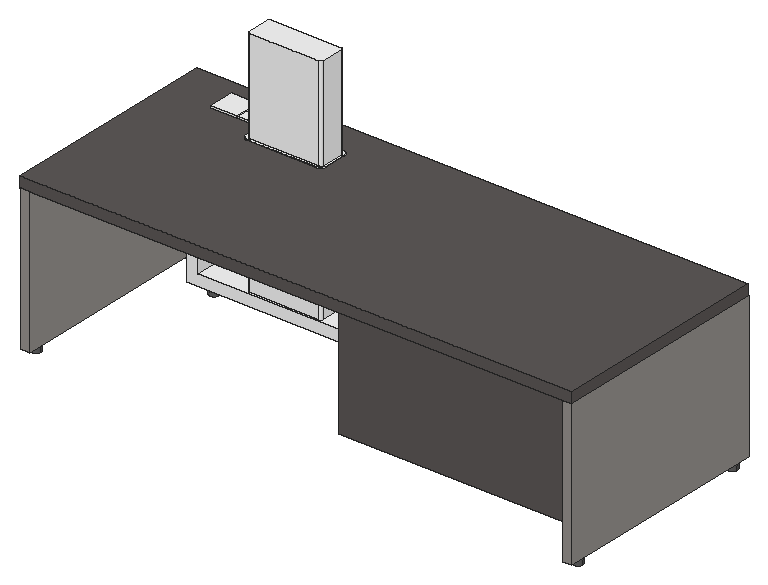
Revit family "Workstations-Teknion-B_ASH-Height_Adjustable_Run_Off-R2015", category Furniture, Revit 2015
Parameters (values of type "Low")
  Worksurface Finish [instance] = Veneer - Teknion - VB - Flintwood - Black Walnut
  Mechanism Horizontal Offset [instance] = if(Has Center Mechanism Cover, [Actual Height-Adjustable Worksurface Position], if(Has Right End Mechanism Cover, Actual Width - Mechanism Actual Width - 1.016", if(Has Left End Mechanism Cover, 1.016", Actual Width - Mechanism Actual Width - 1.016")))  # 29.969"
  Mechanism Cover Visibility [instance] = if(or(Has Center Mechanism Cover, Has Right End Mechanism Cover, Has Left End Mechanism Cover), 1 < 2, 1 > 2)  # yes
  Mechanism Cover Finish [instance] = Veneer - Teknion - VB - Flintwood - Black Walnut
  Mechanism Actual Width [instance] = if(and([Height-Adjustable Worksurface Depth] = 30.000", Has Center Mechanism Cover), 29.850", if(and([Height-Adjustable Worksurface Depth] = 30.000", Has Right End Mechanism Cover), 28.715", if(and([Height-Adjustable Worksurface Depth] = 36.000", Has Center Mechanism Cover), 35.820", if(and([Height-Adjustable Worksurface Depth] = 36.000", Has Right End Mechanism Cover), 34.685", 29.850"))))  # 28.715"
  Has Right End Mechanism Cover [instance] = yes
  Has Left End Mechanism Cover [instance] = no
  Has Center Mechanism Cover [instance] = no
  Available Widths - Secondary Desk [instance] = "60 to 108 inches in 6 inch increments. When 36 inches deep Height-Adjustable Worksurface is selected, 60 inches and 66 inches widths are not available."  # constant formula
  Available Height-Adjustable Worksurface Positions [instance] = "0 to 78 inches in 6 inch increments."  # constant formula
  Available Depths - Secondary Desk [instance] = "20 , 24 inches."  # constant formula
  Height-Adjustable Worksurface Position [instance] = 0.000"
  Available Depths - Height-Adjustable Worksurface [instance] = "30, 36 inches."  # constant formula
  Has Right Grommet [instance] = no
  Has Left Grommet [instance] = yes
  Hardware Finish [instance] = Mica - Teknion - V - Satin - Very White
  Grommet Option [instance] = "Please select one of the following or neither."  # constant formula
  Grommet Finish [instance] = Mica - Teknion - V - Satin - Very White
  Gable Finish [instance] = Source Laminate - Teknion - DE - Latte
  Description = "Low Secondary Desk for Height Adjustable Run-Off (1-3/16\" Thick)"
  Actual Height-Adjustable Worksurface Position [instance] = if([Height-Adjustable Worksurface Position] = 6.000", 5.895", if([Height-Adjustable Worksurface Position] = 12.000", 11.865", if([Height-Adjustable Worksurface Position] = 18.000", 17.835", if([Height-Adjustable Worksurface Position] = 24.000", 23.790", if([Height-Adjustable Worksurface Position] = 30.000", 29.775", if([Height-Adjustable Worksurface Position] = 36.000", 35.745", if([Height-Adjustable Worksurface Position] = 42.000", 41.715", if([Height-Adjustable Worksurface Position] = 48.000", 47.685", if([Height-Adjustable Worksurface Position] = 54.000", 53.655", if([Height-Adjustable Worksurface Position] = 60.000", 59.625", if([Height-Adjustable Worksurface Position] = 66.000", 65.595", if([Height-Adjustable Worksurface Position] = 72.000", 71.565", if([Height-Adjustable Worksurface Position] = 78.000", 77.535", 0.000")))))))))))))  # 0.000"
  Width [instance] = 60.000"
  Warranty = "http://www.teknion.com/ca/papers/legal-canada"
  Unit Weight URL = "http://www.teknion.com/ca/tools/assets#&asset=bee6a381-b954-425e-8283-5a2de3a804f2,f828d448-4b62-4231-9e5f-9a8991c0ed77"
  URL = "www.teknion.com"
  Sustainability Data = "http://www.teknion.com/ca/tools/assets#&topic=216f99a5-57a0-44fc-b10a-9dee9b29ae4c&asset=444deb64-fe58-4b68-981e-f75e97781df7"
  Series = "Expansion Casegoods"  # constant formula
  Product Page URL = "http://www.teknion.com/ca/products/product-details?productlineid=0053336e-8e7a-673b-a6c8-ff00004460c4"
  Product Line = "Expansion Casegoods"  # constant formula
  Product Documentation Link = "http://www.teknion.com/pricing/expansion-casegoods/pdfs/B_ASH_ppg.pdf"
  Part Number = "B_ASH"  # constant formula
  Model = "BMASHL_____"
  Manufacturer Phone = "416-661-3370"  # constant formula
  Manufacturer Fax = "416.661.4586"  # constant formula
  Manufacturer Contact Information = "http://www.teknion.com/ca/contactus"
  Manufacturer Address = "1150 Flint Road, Toronto, ON. M3J 2J5. Canada"  # constant formula
  Manufacturer = "Teknion"  # constant formula
  Height-Adjustable Worksurface Depth [instance] = 30.000"
  Height = 17.425"
  Depth [instance] = 24.000"
  Assembly Code = "E2020200"
  Actual Width [instance] = if(Width = 60.000", 59.700", if(Width = 66.000", 65.670", if(Width = 72.000", 71.640", if(Width = 78.000", 77.610", if(Width = 84.000", 83.580", if(Width = 90.000", 89.550", if(Width = 96.000", 95.520", if(Width = 102.000", 101.490", if(Width = 108.000", 107.460", 59.700")))))))))  # 59.700"
  Actual Depth [instance] = if(Depth = 20.000", 19.900", 23.880")  # 23.880"
Types (3): name | Has Left End Mechanism Cover | Height-Adjustable Worksurface Position | Description | Actual Height-Adjustable Worksurface Position | Model | Height
  (no name) | no | 0.000" | "Low Secondary Desk for Height Adjustable Run-Off (1-3/16\" Thick)" | 0.000" | "BMASHL_____" | 17.425"
  High | yes | 24.000" | "High Secondary Desk for Height Adjustable Run-Off (1-3/16\" Thick)" | 23.790" | "BMASHH_____" | 26.97244"
  Low | no | 0.000" | "Low Secondary Desk for Height Adjustable Run-Off (1-3/16\" Thick)" | 0.000" | "BMASHL_____" | 17.425"
Reference planes (in)
  plane 1 "Center Front/Back": y = 0
  plane 2: z = 0
  plane 3 "Center Left/Right": x = 0
  plane 4 "Left": x = -29.85
  plane 5 "Right": x = 29.85
  plane 6 "Back": y = 11.94
  plane 7 "Front": y = -11.94
  plane 8 "Top": z = 17.425
  plane 9: z = 16.23602
  plane 10: x = -28.83425
  plane 11: x = 28.83425
  plane 12: z = 0.60236
  plane 13: y = 8.36717
  plane 14: y = 4.82386
  plane 15: x = -25.19959
  plane 16: x = -4.64841
  plane 17: z = 0.41339
  plane 18: z = 17.47224
  plane 19: z = 27.62205
  plane 20: x = -29.85
  plane 21: x = 0.15
  plane 22 "Height-Adjustable WS C/L": x = -14.85
  plane 23: z = 17.58248
  plane 24: y = -6.2525
  plane 25: y = -5.565
  plane 26: x = 0.119
  plane 27: x = 28.834
Forms (in)
  Extrusion 1, solid, material "Veneer - Teknion - VB - Flintwood - Black Walnut" <- "Worksurface Finish"
    sketch origin (0, 0, 0) x (1, 0, 0) y (0, 1, 0)
      loop
        line (-29.85, 11.94) -> (-29.85, -11.94) -> (29.85, -11.94) -> (29.85, 11.94) -> (-29.85, 11.94)
    from 16.23602 to 17.425
  Extrusion 2, solid, material "Source Laminate - Teknion - DE - Latte" <- "Gable Finish"
    sketch origin (0, 0, 0) x (1, 0, 0) y (0, 1, 0)
      loop
        line (-28.83425, 11.94) -> (-29.85, 11.94) -> (-29.85, -11.94) -> (-28.83425, -11.94) -> (-28.83425, 11.94)
    from 0.60236 to 16.23602
  Extrusion 3, solid, material "Source Laminate - Teknion - DE - Latte" <- "Gable Finish"
    sketch origin (0, 0, 0) x (-1, 0, 0) y (0, -1, 0)
      loop
        line (-28.83425, -11.94) -> (-28.83425, 11.94) -> (-29.85, 11.94) -> (-29.85, -11.94) -> (-28.83425, -11.94)
    from 0.60236 to 16.23602
  Extrusion 4, solid, material "Plastic - Teknion - 52 - Ebony"
    sketch origin (0, 0, 0) x (1, 0, 0) y (0, 1, 0)
      loop
        circle (-29.33849, 10.44164) r 0.5
    from 0 to 0.60236
  Extrusion 5, solid, material "Plastic - Teknion - 52 - Ebony"
    sketch origin (0, 0, 0) x (1, 0, 0) y (0, 1, 0)
      loop
        circle (-29.33849, -10.44164) r 0.5
    from 0 to 0.60236
  Extrusion 6, solid, material "Mica - Teknion - V - Satin - Very White" <- "Hardware Finish"
    sketch origin (-25.19959, 4.82386, 48) x (-1, 0, 0) y (0, 0, 1)
      loop
        line (0, -31.76398) -> (-1.1811, -31.76398) -> (-1.1811, -45.45669) -> (-19.37008, -45.45669) -> (-19.37008, -31.76398) -> (-20.55118, -31.76398) -> (-20.55118, -46.6378) -> (0, -46.6378) -> (0, -31.76398)
    from 0 to 3.54331
  Extrusion 7, solid, material "Mica - Teknion - V - Satin - Very White" <- "Hardware Finish"
    sketch origin (0, 0, 0) x (1, 0, 0) y (0, 1, 0)
      loop
        line (-18.94959, 7.81205) -> (-18.94959, 5.37898)
        arc (-18.94959, 5.37898) -> (-18.87637, 5.2022) -> (-18.69959, 5.12898) r 0.25
        line (-18.69959, 5.12898) -> (-11.14841, 5.12898)
        arc (-11.14841, 5.12898) -> (-10.97163, 5.2022) -> (-10.89841, 5.37898) r 0.25
        line (-10.89841, 5.37898) -> (-10.89841, 7.81205)
        arc (-10.89841, 7.81205) -> (-10.97163, 7.98882) -> (-11.14841, 8.06205) r 0.25
        line (-11.14841, 8.06205) -> (-18.69959, 8.06205)
        arc (-18.69959, 8.06205) -> (-18.87637, 7.98882) -> (-18.94959, 7.81205) r 0.25
    from 2.54331 to 27.62205
  Extrusion 8, solid, material "Plastic - Teknion - 52 - Ebony"
    sketch origin (0, 0, 0) x (-1, 0, 0) y (0, -1, 0)
      loop
        circle (-29.33849, -10.44164) r 0.5
    from 0 to 0.60236
  Extrusion 9, solid, material "Plastic - Teknion - 52 - Ebony"
    sketch origin (0, 0, 0) x (-1, 0, 0) y (0, -1, 0)
      loop
        circle (-29.33849, 10.44164) r 0.5
    from 0 to 0.60236
  Extrusion 10, solid, material "Plastic - Teknion - 52 - Ebony"
    sketch origin (0, 0, 0) x (1, 0, 0) y (0, 1, 0)
      loop
        circle (-23.70585, 6.59083) r 0.5
    from 0 to 0.41339
  Extrusion 11, solid, material "Plastic - Teknion - 52 - Ebony"
    sketch origin (-29.848, 0, 0) x (-1, 0, 0) y (0, -1, 0)
      loop
        circle (-23.70585, -6.59083) r 0.5
    from 0 to 0.41339
  Extrusion 12, solid, material "Plastic - Teknion - 52 - Ebony"
    sketch origin (0, 0, 0) x (1, 0, 0) y (0, 1, 0)
      loop
        circle (-23.7009, 6.59546) r 0.18746
    from 0.41339 to 1.3622
  Extrusion 13, solid, material "Plastic - Teknion - 52 - Ebony"
    sketch origin (-29.848, 0, 0) x (-1, 0, 0) y (0, -1, 0)
      loop
        circle (-23.7009, -6.59546) r 0.18746
    from 0.41339 to 1.3622
  Extrusion 14, solid, material "Mica - Teknion - V - Satin - Very White" <- "Hardware Finish"
    sketch origin (-19.25471, -180, 17.47224) x (-1, 0, 0) y (0, -1, 0)
      loop
        line (0, -187.81205) -> (0, -185.37898)
        arc (0, -185.37898) -> (-0.16259, -184.98645) -> (-0.55512, -184.82386) r 0.55512
        line (-0.55512, -184.82386) -> (-8.1063, -184.82386)
        arc (-8.1063, -184.82386) -> (-8.49883, -184.98645) -> (-8.66142, -185.37898) r 0.55512
        line (-8.66142, -185.37898) -> (-8.66142, -187.81205)
        arc (-8.66142, -187.81205) -> (-8.49883, -188.20458) -> (-8.1063, -188.36717) r 0.55512
        line (-8.1063, -188.36717) -> (-0.55512, -188.36717)
        arc (-0.55512, -188.36717) -> (-0.16259, -188.20458) -> (0, -187.81205) r 0.55512
    from 0 to -0.04724
  Extrusion 15, solid, material "Mica - Teknion - V - Satin - Very White" <- "Grommet Finish", visible <- "Has Left Grommet"
    sketch origin (0, 0, 17.425) x (-1, 0, 0) y (0, -1, 0)
      loop
        line (24.60629, -10.114) -> (24.60629, -7.26994) -> (21.75906, -7.26994) -> (21.75906, -10.114) -> (24.60629, -10.114)
    from 0 to 0.15748
  Extrusion 16, solid, material "Mica - Teknion - V - Satin - Very White" <- "Grommet Finish", visible <- "Has Left Grommet"
    sketch origin (0, 0, 17.425) x (-1, 0, 0) y (0, -1, 0)
      loop
        line (19.47946, -8.90464) -> (19.47946, -8.47929) -> (21.75906, -8.47929) -> (21.75906, -7.26994) -> (17.95198, -7.26994) -> (17.95198, -10.114) -> (21.75906, -10.114) -> (21.75906, -8.90464) -> (19.47946, -8.90464)
    from 0 to 0.15748
  Extrusion 17, solid, material "Mica - Teknion - V - Satin - Very White" <- "Grommet Finish", visible <- "Has Right Grommet"
    sketch origin (0, 0, 17.425) x (1, 0, 0) y (0, 1, 0)
      loop
        line (24.60629, 10.114) -> (21.75906, 10.114) -> (21.75906, 7.26994) -> (24.60629, 7.26994) -> (24.60629, 10.114)
    from 0 to 0.15748
  Extrusion 18, solid, material "Mica - Teknion - V - Satin - Very White" <- "Grommet Finish", visible <- "Has Right Grommet"
    sketch origin (0, 0, 17.425) x (1, 0, 0) y (0, 1, 0)
      loop
        line (19.47946, 8.90464) -> (21.75906, 8.90464) -> (21.75906, 10.114) -> (17.95198, 10.114) -> (17.95198, 7.26994) -> (21.75906, 7.26994) -> (21.75906, 8.47929) -> (19.47946, 8.47929) -> (19.47946, 8.90464)
    from 0 to 0.15748
  Extrusion 19, solid, material "Veneer - Teknion - VB - Flintwood - Black Walnut" <- "Mechanism Cover Finish", visible <- "Mechanism Cover Visibility"
    sketch origin (-30.2435, -6.2525, 48) x (-1, 0, 0) y (0, 0, 1)
      loop
        line (-30.3625, -47.5865) -> (-30.3625, -33.1065) -> (-59.0775, -33.1065) -> (-59.0775, -47.5865) -> (-30.3625, -47.5865)
    from 0 to 0.6875
Lines and regions (in)
  Masking region 1
    outline origin (0, 0, 17.425) x (-1, 0, 0) y (0, -1, 0)
      loop
        line (29.85, -11.94) -> (29.85, 11.94) -> (-29.85, 11.94) -> (-29.85, -11.94) -> (29.85, -11.94)
  symbolic lines, style "FurnitureHiddenLines", detail levels medium+fine
    curve 1: line (-28.83425, -11.94, 17.425) -> (-28.83425, 11.94, 17.425)
    curve 2: line (28.83425, 11.94, 17.425) -> (28.83425, -11.94, 17.425)
    curve 31: line (-4.64841, 8.36717, 17.425) -> (-25.19959, 8.36717, 17.425)
    curve 32: line (-25.19959, 8.36717, 17.425) -> (-25.19959, 4.82386, 17.425)
    curve 33: line (-25.19959, 4.82386, 17.425) -> (-4.64841, 4.82386, 17.425)
    curve 34: line (-4.64841, 4.82386, 17.425) -> (-4.64841, 8.36717, 17.425)
  symbolic lines, style "FurnitureHiddenLines", detail levels fine
    curve 3: arc (-28.83849, 10.44164, 17.425) -> (-29.33849, 10.94164, 17.425) -> (-29.83849, 10.44164, 17.425) r 0.5
    curve 4: arc (-29.83849, 10.44164, 17.425) -> (-29.33849, 9.94164, 17.425) -> (-28.83849, 10.44164, 17.425) r 0.5
    curve 5: arc (-28.83849, -10.44164, 17.425) -> (-29.33849, -9.94164, 17.425) -> (-29.83849, -10.44164, 17.425) r 0.5
    curve 6: arc (-29.83849, -10.44164, 17.425) -> (-29.33849, -10.94164, 17.425) -> (-28.83849, -10.44164, 17.425) r 0.5
    curve 7: arc (29.83849, 10.44164, 17.425) -> (29.33849, 10.94164, 17.425) -> (28.83849, 10.44164, 17.425) r 0.5
    curve 8: arc (28.83849, 10.44164, 17.425) -> (29.33849, 9.94164, 17.425) -> (29.83849, 10.44164, 17.425) r 0.5
    curve 9: arc (29.83849, -10.44164, 17.425) -> (29.33849, -9.94164, 17.425) -> (28.83849, -10.44164, 17.425) r 0.5
    curve 10: arc (28.83849, -10.44164, 17.425) -> (29.33849, -10.94164, 17.425) -> (29.83849, -10.44164, 17.425) r 0.5
    curve 35: line (-24.01849, 4.82386, 17.425) -> (-24.01849, 8.36717, 17.425)
    curve 36: line (-5.82951, 8.36717, 17.425) -> (-5.82951, 4.82386, 17.425)
    curve 37: arc (-23.20585, 6.59083, 17.425) -> (-23.70585, 7.09083, 17.425) -> (-24.20585, 6.59083, 17.425) r 0.5
    curve 38: arc (-24.20585, 6.59083, 17.425) -> (-23.70585, 6.09083, 17.425) -> (-23.20585, 6.59083, 17.425) r 0.5
    curve 39: arc (-6.64215, 6.59083, 17.425) -> (-6.14215, 6.09083, 17.425) -> (-5.64215, 6.59083, 17.425) r 0.5
    curve 40: arc (-5.64215, 6.59083, 17.425) -> (-6.14215, 7.09083, 17.425) -> (-6.64215, 6.59083, 17.425) r 0.5
    curve 41: arc (-23.88836, 6.59546, 17.425) -> (-23.7009, 6.408, 17.425) -> (-23.51344, 6.59546, 17.425) r 0.18746
    curve 42: arc (-23.51344, 6.59546, 17.425) -> (-23.7009, 6.78291, 17.425) -> (-23.88836, 6.59546, 17.425) r 0.18746
    curve 43: arc (-6.33456, 6.59546, 17.425) -> (-6.1471, 6.408, 17.425) -> (-5.95964, 6.59546, 17.425) r 0.18746
    curve 44: arc (-5.95964, 6.59546, 17.425) -> (-6.1471, 6.78291, 17.425) -> (-6.33456, 6.59546, 17.425) r 0.18746
  symbolic lines, visible <- "Has Left Grommet"
    curve 11: line (-17.95198, 10.114, 17.425) -> (-21.75906, 10.114, 17.425)
    curve 12: line (-17.95198, 7.26994, 17.425) -> (-17.95198, 10.114, 17.425)
    curve 13: line (-21.75906, 7.26994, 17.425) -> (-17.95198, 7.26994, 17.425)
    curve 14: line (-24.60629, 7.26994, 17.425) -> (-21.75906, 7.26994, 17.425)
    curve 15: line (-24.60629, 10.114, 17.425) -> (-24.60629, 7.26994, 17.425)
    curve 16: line (-21.75906, 10.114, 17.425) -> (-24.60629, 10.114, 17.425)
    curve 17: line (-21.75906, 7.26994, 17.425) -> (-21.75906, 10.114, 17.425)
    curve 18: line (-21.75906, 8.90464, 17.425) -> (-19.47946, 8.90464, 17.425)
    curve 19: line (-19.47946, 8.90464, 17.425) -> (-19.47946, 8.47929, 17.425)
    curve 20: line (-19.47946, 8.47929, 17.425) -> (-21.75906, 8.47929, 17.425)
  symbolic lines, visible <- "Has Right Grommet"
    curve 21: line (21.75906, 10.114, 17.425) -> (17.95198, 10.114, 17.425)
    curve 22: line (17.95198, 10.114, 17.425) -> (17.95198, 7.26994, 17.425)
    curve 23: line (17.95198, 7.26994, 17.425) -> (21.75906, 7.26994, 17.425)
    curve 24: line (21.75906, 8.47929, 17.425) -> (19.47946, 8.47929, 17.425)
    curve 25: line (19.47946, 8.47929, 17.425) -> (19.47946, 8.90464, 17.425)
    curve 26: line (19.47946, 8.90464, 17.425) -> (21.75906, 8.90464, 17.425)
    curve 27: line (21.75906, 10.114, 17.425) -> (21.75906, 7.26994, 17.425)
    curve 28: line (24.60629, 10.114, 17.425) -> (21.75906, 10.114, 17.425)
    curve 29: line (24.60629, 7.26994, 17.425) -> (24.60629, 10.114, 17.425)
    curve 30: line (21.75906, 7.26994, 17.425) -> (24.60629, 7.26994, 17.425)
  symbolic lines, style "Furniture"
    curve 45: line (-11.14841, 8.06205, 17.425) -> (-18.69959, 8.06205, 17.425)
    curve 46: line (-18.69959, 5.12898, 17.425) -> (-11.14841, 5.12898, 17.425)
    curve 47: line (-18.94959, 7.81205, 17.425) -> (-18.94959, 5.37898, 17.425)
    curve 48: line (-10.89841, 5.37898, 17.425) -> (-10.89841, 7.81205, 17.425)
    curve 49: arc (-11.14841, 5.12898, 17.425) -> (-10.97163, 5.2022, 17.425) -> (-10.89841, 5.37898, 17.425) r 0.25
    curve 50: arc (-18.94959, 5.37898, 17.425) -> (-18.87637, 5.2022, 17.425) -> (-18.69959, 5.12898, 17.425) r 0.25
    curve 51: arc (-18.69959, 8.06205, 17.425) -> (-18.87637, 7.98882, 17.425) -> (-18.94959, 7.81205, 17.425) r 0.25
    curve 52: arc (-10.89841, 7.81205, 17.425) -> (-10.97163, 7.98882, 17.425) -> (-11.14841, 8.06205, 17.425) r 0.25
    curve 53: line (-10.59329, 5.37898, 17.425) -> (-10.59329, 7.81205, 17.425)
    curve 54: line (-19.25471, 7.81205, 17.425) -> (-19.25471, 5.37898, 17.425)
    curve 55: arc (-18.69959, 8.36717, 17.425) -> (-19.09212, 8.20458, 17.425) -> (-19.25471, 7.81205, 17.425) r 0.55512
    curve 56: arc (-10.59329, 7.81205, 17.425) -> (-10.75588, 8.20458, 17.425) -> (-11.14841, 8.36717, 17.425) r 0.55512
    curve 57: arc (-11.14841, 4.82386, 17.425) -> (-10.75588, 4.98645, 17.425) -> (-10.59329, 5.37898, 17.425) r 0.55512
    curve 58: arc (-19.25471, 5.37898, 17.425) -> (-19.09212, 4.98645, 17.425) -> (-18.69959, 4.82386, 17.425) r 0.55512
  symbolic lines
    curve 59: line (-11.14841, 8.36717, 17.425) -> (-18.69959, 8.36717, 17.425)
    curve 60: line (-18.69959, 4.82386, 17.425) -> (-11.14841, 4.82386, 17.425)
  symbolic lines, style "FurnitureHiddenLines", visible <- "Mechanism Cover Visibility", detail levels medium+fine
    curve 61: line (28.834, -5.565, 17.425) -> (0.119, -5.565, 17.425)
    curve 62: line (28.834, -6.2525, 17.425) -> (28.834, -5.565, 17.425)
    curve 63: line (0.119, -6.2525, 17.425) -> (28.834, -6.2525, 17.425)
    curve 64: line (0.119, -5.565, 17.425) -> (0.119, -6.2525, 17.425)
  reference lines, not visible
    curve 65: line (-29.85, 11.94, 0) -> (29.85, 11.94, 0)
    curve 66: line (29.85, 11.94, 0) -> (29.85, -11.94, 0)
    curve 67: line (-29.85, -11.94, 0) -> (29.85, -11.94, 0)
    curve 68: line (-29.85, 11.94, 0) -> (-29.85, -11.94, 0)
Dimensions and locks (in)
  "Actual Width": plane 4 "Left" to plane 5 "Right"
  "Actual Depth": plane 6 "Back" to plane 7 "Front"
  "Height": plane 8 "Top" to level
  locked: plane 8 "Top" to plane 9 at 1.18898
  locked: plane 4 "Left" to plane 10 at 1.01575
  locked: plane 5 "Right" to plane 11 at 1.01575
  locked: plane 12 to plane 2 at 0.60236
  locked: plane 4 "Left" to Extrusion 4 sketch curve at 0.51151
  locked: plane 6 "Back" to Extrusion 4 sketch curve at 1.49836
  locked: plane 4 "Left" to Extrusion 5 sketch curve at 0.51151
  locked: plane 7 "Front" to Extrusion 5 sketch curve at 1.49836
  plane 6 "Back" to plane 13 to plane 14 = 3.57283" locked, 3.54331" locked
  plane 15 to plane 22 "Height-Adjustable WS C/L" to plane 16 = 10.34959" locked, 10.20159" locked
  locked: Extrusion 6 sketch curve to plane 15 at 1.1811
  locked: plane 16 to Extrusion 6 sketch curve at 1.1811
  Extrusion 6 sketch curve to Extrusion 6 sketch curve to plane 12 = 1.1811" locked, 0.75984" locked
  plane 15 to Extrusion 7 sketch curve to Extrusion 7 sketch curve to Extrusion 7 sketch curve to Extrusion 7 sketch curve to Extrusion 7 sketch curve to Extrusion 7 sketch curve = 6.250" locked, 0.250" locked, 0.000" locked, 7.55118" locked, 0.000" locked, 0.250" locked
  plane 6 "Back" to Extrusion 7 sketch curve to Extrusion 7 sketch curve to Extrusion 7 sketch curve to Extrusion 7 sketch curve to Extrusion 7 sketch curve to Extrusion 7 sketch curve = 3.87795" locked, 0.250" locked, 0.000" locked, 2.43307" locked, 0.000" locked, 0.250" locked
  locked: Extrusion 8 sketch curve to plane 5 "Right" at 0.51151
  locked: plane 6 "Back" to Extrusion 8 sketch curve at 1.49836
  locked: Extrusion 9 sketch curve to plane 5 "Right" at 0.51151
  locked: plane 7 "Front" to Extrusion 9 sketch curve at 1.49836
  locked: plane 15 to Extrusion 10 sketch curve at 1.49374
  locked: plane 13 to Extrusion 10 sketch curve at 1.77634
  locked: Extrusion 11 sketch curve to plane 16 at 1.49374
  locked: plane 13 to Extrusion 11 sketch curve at 1.77634
  locked: plane 17 to plane 2 at 0.41339
  locked: plane 13 to Extrusion 12 sketch curve at 1.77171
  locked: plane 15 to Extrusion 12 sketch curve at 1.49869
  locked: plane 13 to Extrusion 13 sketch curve at 1.77171
  locked: Extrusion 13 sketch curve to plane 16 at 1.49869
  locked: plane 18 to plane 8 "Top" at 0.04724
  plane 15 to Extrusion 14 sketch curve to Extrusion 14 sketch curve to Extrusion 14 sketch curve to Extrusion 14 sketch curve = 6.500" locked, 0.000" locked, 7.55118" locked, 0.000" locked
  plane 6 "Back" to Extrusion 14 sketch curve to Extrusion 14 sketch curve to Extrusion 14 sketch curve to Extrusion 14 sketch curve to Extrusion 14 sketch curve = 3.57283" locked, 0.55512" locked, 0.000" locked, 2.43307" locked, 0.000" locked
  equal spacing: plane 4 "Left", plane 3 "Center Left/Right", plane 5 "Right"
  equal spacing: plane 7 "Front", plane 1 "Center Front/Back", plane 6 "Back"
  locked: plane 19 to plane 2 at 27.62205
  "Height-Adjustable Worksurface Depth": plane 20 to plane 21
  "Actual Height-Adjustable Worksurface Position": plane 4 "Left" to plane 20
  equal spacing: plane 20, plane 22 "Height-Adjustable WS C/L", plane 21
  locked: plane 4 "Left" to Extrusion 15 sketch curve at 5.24371
  locked: Extrusion 15 sketch curve to Extrusion 15 sketch curve at 2.84723
  plane 4 "Left" to Extrusion 16 sketch curve to Extrusion 16 sketch curve = 10.37054" locked, 1.52748" locked
  locked: plane 23 to plane 8 "Top" at 0.15748
  Extrusion 17 sketch curve to Extrusion 17 sketch curve to plane 6 "Back" = 2.84406" locked, 1.826" locked
  plane 5 "Right" to Extrusion 17 sketch curve to Extrusion 17 sketch curve = 5.24371" locked, 2.84723" locked
  plane 5 "Right" to Extrusion 18 sketch curve to Extrusion 18 sketch curve = 10.37054" locked, 1.52748" locked
  plane 6 "Back" to Extrusion 18 sketch curve to Extrusion 18 sketch curve to Extrusion 18 sketch curve to Extrusion 18 sketch curve = 1.826" locked, 1.20936" locked, 0.42535" locked, 1.20936" locked
  plane 6 "Back" to Extrusion 15 sketch curve to Extrusion 15 sketch curve = 1.826" locked, 2.84406" locked
  locked: plane 24 to plane 7 "Front" at 5.6875
  locked: Extrusion 19 sketch curve to plane 2 at 0.4135
  locked: plane 9 to Extrusion 19 sketch curve at 1.34252
  locked: plane 25 to plane 24 at 0.6875
  "Mechanism Actual Width": plane 26 to plane 27
  "Mechanism Horizontal Offset": plane 4 "Left" to plane 26
  aligned and locked: level to plane 2
  aligned and locked: Extrusion 1 sketch curve to plane 6 "Back"
  aligned and locked: plane 5 "Right" to Extrusion 1 sketch curve
  aligned and locked: Extrusion 1 sketch curve to plane 7 "Front"
  aligned and locked: plane 4 "Left" to Extrusion 1 sketch curve
  aligned and locked: plane 8 "Top" to Extrusion 1
  aligned and locked: plane 9 to Extrusion 1
  aligned and locked: Extrusion 2 sketch curve to plane 10
  aligned and locked: Extrusion 2 sketch curve to plane 6 "Back"
  aligned and locked: Extrusion 2 sketch curve to plane 7 "Front"
  aligned and locked: Extrusion 2 sketch curve to plane 4 "Left"
  aligned and locked: Extrusion 2 to plane 9
  aligned and locked: plane 12 to Extrusion 2
  aligned and locked: plane 5 "Right" to Extrusion 3 sketch curve
  aligned and locked: Extrusion 3 sketch curve to plane 6 "Back"
  aligned and locked: Extrusion 3 sketch curve to plane 11
  aligned and locked: Extrusion 3 sketch curve to plane 7 "Front"
  aligned and locked: plane 12 to Extrusion 3
  aligned and locked: Extrusion 3 to plane 9
  aligned and locked: Extrusion 5 to plane 12
  aligned and locked: Extrusion 4 to plane 12
  aligned and locked: Extrusion 5 to plane 2
  aligned and locked: Extrusion 4 to plane 2
  aligned and locked: Extrusion 6 sketch curve to plane 9  (x2)
  aligned and locked: plane 13 to Extrusion 6
  aligned and locked: Extrusion 6 to plane 14
  aligned and locked: Extrusion 6 to plane 15
  aligned and locked: plane 16 to Extrusion 6
  aligned and locked: Extrusion 7 to Extrusion 6
  aligned and locked: Extrusion 9 to plane 12
  aligned and locked: Extrusion 8 to plane 12
  aligned and locked: Extrusion 9 to plane 2
  aligned and locked: Extrusion 8 to plane 2
  aligned and locked: plane 17 to Extrusion 10
  aligned and locked: plane 17 to Extrusion 11
  aligned and locked: Extrusion 10 to plane 2
  aligned and locked: Extrusion 11 to plane 2
  aligned and locked: Extrusion 13 to Extrusion 6
  aligned and locked: Extrusion 12 to Extrusion 6
  aligned and locked: Extrusion 12 to plane 17
  aligned and locked: Extrusion 13 to plane 17
  aligned and locked: Extrusion 14 to plane 8 "Top"
  aligned and locked: plane 18 to Extrusion 14
  aligned and locked: Extrusion 7 to plane 19
  aligned and locked: Extrusion 16 to plane 23
  aligned and locked: Extrusion 15 to plane 23
  aligned and locked: Extrusion 15 to plane 8 "Top"
  aligned and locked: Extrusion 16 to plane 8 "Top"
  aligned and locked: Extrusion 18 sketch curve to Extrusion 17  (x2)
  aligned and locked: Masking region 1 sketch curve to plane 6 "Back"
  aligned and locked: plane 5 "Right" to Masking region 1 sketch curve
  aligned and locked: Masking region 1 sketch curve to plane 7 "Front"
  aligned and locked: Masking region 1 sketch curve to plane 4 "Left"
  aligned and locked: curve 3 to Extrusion 4
  aligned and locked: curve 4 to Extrusion 4
  aligned and locked: curve 5 to Extrusion 5
  aligned and locked: curve 6 to Extrusion 5
  aligned and locked: curve 7 to Extrusion 8
  aligned and locked: curve 8 to Extrusion 8
  aligned and locked: curve 9 to Extrusion 9
  aligned and locked: curve 10 to Extrusion 9
  aligned and locked: curve 12 to Extrusion 16
  aligned and locked: curve 13 to Extrusion 16
  aligned and locked: curve 18 to Extrusion 16
  aligned and locked: curve 19 to Extrusion 16
  aligned and locked: curve 20 to Extrusion 16
  aligned and locked: curve 21 to Extrusion 18
  aligned and locked: curve 22 to Extrusion 18
  aligned and locked: curve 23 to Extrusion 18
  aligned and locked: curve 24 to Extrusion 18
  aligned and locked: curve 25 to Extrusion 18
  aligned and locked: curve 26 to Extrusion 18
  aligned and locked: curve 27 to Extrusion 17
  aligned and locked: curve 28 to Extrusion 17
  aligned and locked: curve 29 to Extrusion 17
  aligned and locked: curve 30 to Extrusion 17
  aligned and locked: curve 32 to Extrusion 6
  aligned and locked: curve 34 to Extrusion 6
  aligned and locked: curve 35 to Extrusion 6
  aligned and locked: curve 36 to Extrusion 6
  aligned and locked: curve 37 to Extrusion 10
  aligned and locked: curve 38 to Extrusion 10
  aligned and locked: curve 39 to Extrusion 11
  aligned and locked: curve 40 to Extrusion 11
  aligned and locked: curve 41 to Extrusion 12
  aligned and locked: curve 42 to Extrusion 12
  aligned and locked: curve 43 to Extrusion 13
  aligned and locked: curve 44 to Extrusion 13
  aligned and locked: curve 49 to Extrusion 7
  aligned and locked: curve 50 to Extrusion 7
  aligned and locked: curve 51 to Extrusion 7
  aligned and locked: curve 52 to Extrusion 7
  aligned and locked: curve 55 to Extrusion 14
  aligned and locked: curve 56 to Extrusion 14
  aligned and locked: curve 57 to Extrusion 14
  aligned and locked: curve 58 to Extrusion 14
  aligned and locked: curve 16 to Extrusion 15
  aligned and locked: curve 11 to Extrusion 16
  aligned and locked: curve 14 to Extrusion 15
  aligned and locked: curve 15 to Extrusion 15
  aligned and locked: curve 17 to Extrusion 15
  aligned and locked: curve 60 to Extrusion 14
  aligned and locked: Extrusion 19 to plane 25
  aligned and locked: Extrusion 19 to plane 26
  aligned and locked: plane 27 to Extrusion 19
  aligned and locked: curve 61 to Extrusion 19
  aligned and locked: curve 62 to Extrusion 19
  aligned and locked: curve 63 to Extrusion 19
  aligned and locked: curve 64 to Extrusion 19
  aligned and locked: curve 65 to plane 6 "Back"
  aligned and locked: plane 5 "Right" to curve 66
  aligned and locked: curve 67 to plane 7 "Front"
  aligned and locked: curve 68 to plane 4 "Left"
  aligned and locked: Extrusion 19 to plane 24
  aligned and locked: Extrusion 17 to plane 23
  aligned and locked: Extrusion 18 to plane 23
Automatic sketch dimensions
  Extrusion 6 sketch curve to plane 16 = 0.000"
  Extrusion 6 sketch curve to plane 15 = 0.000"
  Extrusion 16 sketch curve to Extrusion 16 sketch curve = 0.000"
  plane 13 to Extrusion 16 sketch curve = 1.74684"
  plane 13 to Extrusion 16 sketch curve = 0.53748"
  plane 13 to Extrusion 16 sketch curve = 0.11213"
  Extrusion 16 sketch curve to plane 13 = 1.09723"
  Extrusion 16 sketch curve to Extrusion 16 sketch curve = 2.2796"
  plane 11 to Extrusion 19 sketch curve = 0.00025"
  plane 7 "Front" to curve 2 = 0.000"
  curve 2 to plane 11 = 0.000"
  plane 13 to curve 59 = 0.000"
  curve 1 to plane 6 "Back" = 0.000"
  curve 1 to plane 10 = 0.000"
  plane 6 "Back" to curve 2 = 0.000"
  curve 1 to plane 7 "Front" = 0.000"
  curve 59 to curve 56 = 0.000"
  curve 60 to curve 57 = 0.000"
  curve 60 to curve 58 = 0.000"
  curve 59 to curve 55 = 0.000"
  plane 20 to Extrusion 19 sketch curve = 29.969"
  radius of Extrusion 4 sketch curve = 0.500"
  radius of Extrusion 5 sketch curve = 0.500"
  radius of Extrusion 8 sketch curve = 0.500"
  radius of Extrusion 9 sketch curve = 0.500"
  radius of Extrusion 10 sketch curve = 0.500"
  radius of Extrusion 11 sketch curve = 0.500"
  radius of Extrusion 12 sketch curve = 0.18746"
  radius of Extrusion 13 sketch curve = 0.18746"
